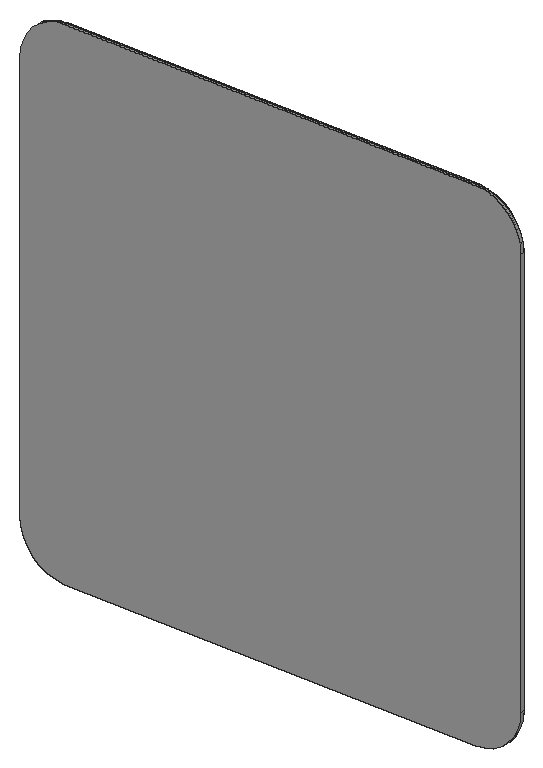
Revit family "41633", category Generic Models, Revit 2017
Family settings
  Can host rebar = No
  Round Connector Dimension = Use Diameter
  Part Type = Normal
  Work Plane-Based = No
  Always vertical = Yes
  Cut with Voids When Loaded = No
  Shared = No
  Room Calculation Point = No
Parameters
  Steel = Default
  Glass = Default
Reference planes
  plane 1 "Center (Front/Back)": y = 0
  plane 2: z = 0
  plane 3 "Center (Left/Right)": x = 0
  plane 4: y = 4
  plane 5: y = 4.3
Forms (mm)
  Extrusion 1, solid, material "Default" <- "Glass"
    sketch origin (-172.671, 4, 1200) x (-1, 0, 0) y (0, 0, 1)
      loop
        arc (128.422, -457.759) -> (-172.671, -450.502) -> (-473.764, -457.759) r 6249.744
        arc (-473.764, -457.759) -> (-520.715, -477.207) -> (-540.163, -524.158) r 66.399
        arc (-540.163, -524.158) -> (-547.722, -825.251) -> (-540.163, -1126.344) r 6000
        arc (-540.163, -1126.344) -> (-520.715, -1173.295) -> (-473.764, -1192.743) r 66.399
        arc (-473.764, -1192.743) -> (-172.671, -1200) -> (128.422, -1192.743) r 6249.744
        arc (128.422, -1192.743) -> (175.373, -1173.295) -> (194.821, -1126.344) r 66.399
        arc (194.821, -1126.344) -> (202.304, -825.251) -> (194.821, -524.158) r 6061.161
        arc (194.821, -524.158) -> (175.373, -477.207) -> (128.422, -457.759) r 66.399
    from -4 to 0
  Extrusion 2, solid, material "Default" <- "Steel"
    sketch origin (-172.671, 4, 1200) x (-1, 0, 0) y (0, 0, 1)
      loop
        arc (128.422, -457.759) -> (-172.671, -450.502) -> (-473.764, -457.759) r 6249.744
        arc (-473.764, -457.759) -> (-520.715, -477.207) -> (-540.163, -524.158) r 66.399
        arc (-540.163, -524.158) -> (-547.722, -825.251) -> (-540.163, -1126.344) r 6000
        arc (-540.163, -1126.344) -> (-520.715, -1173.295) -> (-473.764, -1192.743) r 66.399
        arc (-473.764, -1192.743) -> (-172.671, -1200) -> (128.422, -1192.743) r 6249.744
        arc (128.422, -1192.743) -> (175.373, -1173.295) -> (194.821, -1126.344) r 66.399
        arc (194.821, -1126.344) -> (202.304, -825.251) -> (194.821, -524.158) r 6061.161
        arc (194.821, -524.158) -> (175.373, -477.207) -> (128.422, -457.759) r 66.399
    from 0 to 0.3
Dimensions and locks
  aligned and locked: level to plane 2
